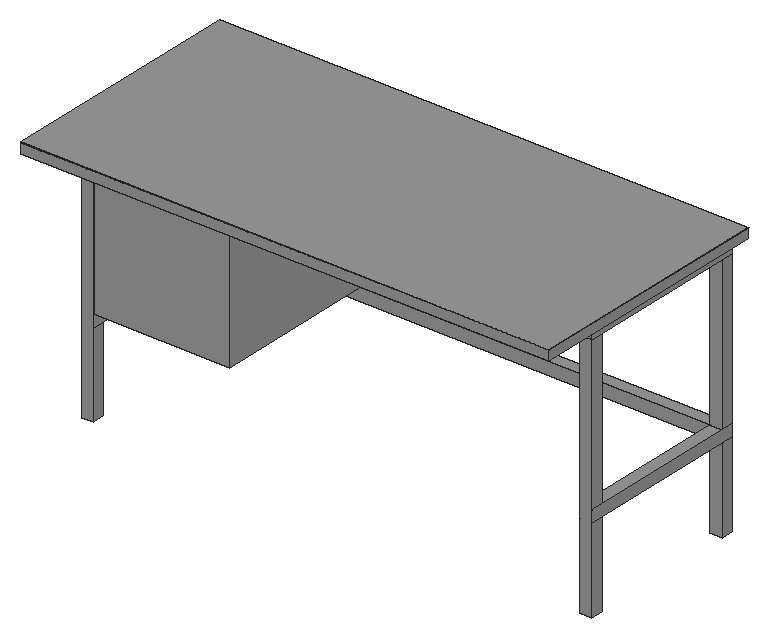
Revit family "SmallBench", category Furniture, Revit 2025
Family settings
  OmniClass Number = 23.40.20.00
  OmniClass Title = General Furniture and Specialties
  Work Plane-Based = No
  Enable Cutting in Views = No
  Always vertical = Yes
  Cut with Voids When Loaded = No
  Render Appearance Source = Family Geometry
  Shared = No
  Room Calculation Point = No
Parameters
  Default Elevation = 0 mm
Reference planes
  plane 1 "CentreLong": y = 0
  plane 2: z = 0
  plane 3 "LeftEdge": x = 0
  plane 4 "FrontEdge": y = -825
  plane 5 "RightEdge": x = 1750
  plane 6 "DrawerFront": y = -610
  plane 7 "LeftSupport": x = 50
  plane 8 "BenchTop": z = 900
  plane 9 "BenchBottom": z = 865
  plane 10 "RightSupport": x = 1700
  plane 11 "BackSupport": y = -50
  plane 12 "DrawerInner": x = 520
Forms (mm)
  Extrusion 1, solid, material "Birch - Glossy"
    sketch origin (0, 0, 0) x (1, 0, 0) y (0, 1, 0)
      loop
        line (0, 0) -> (0, -825) -> (1750, -825) -> (1750, 0) -> (0, 0)
    from 865 to 898
  Extrusion 2, solid, material "Steel, Paint Finish, Dark Gray, Matte"
    sketch origin (1780, -548.097, 0) x (1, 0, 0) y (0, 1, 0)
      loop
        line (-100, 518.097) -> (-100, 478.097) -> (-60, 478.097) -> (-60, 518.097) -> (-100, 518.097)
    from 0 to 825
  Extrusion 3, solid, material "Steel, Paint Finish, Dark Gray, Matte"
    sketch origin (1780, -1115, 0) x (1, 0, 0) y (0, 1, 0)
      loop
        line (-100, 545) -> (-100, 505) -> (-60, 505) -> (-60, 545) -> (-100, 545)
    from 0 to 825
  Extrusion 4, solid, material "Steel, Paint Finish, Dark Gray, Matte"
    sketch origin (-700, -140, 0) x (1, 0, 0) y (0, 1, 0)
      loop
        line (2380, 110) -> (2380, -470) -> (2420, -470) -> (2420, 110) -> (2400, 110) -> (2380, 110)
    from 825 to 865
  Extrusion 5, solid, material "Steel, Paint Finish, Dark Gray, Matte"
    sketch origin (-700, -180, 0) x (1, 0, 0) y (0, 1, 0)
      loop
        line (2380, 150) -> (2380, -430) -> (2420, -430) -> (2420, 150) -> (2380, 150)
    from 280 to 320
  Extrusion 6, solid, material "Birch - Glossy"
    sketch origin (0, 0, 0) x (1, 0, 0) y (0, 1, 0)
      loop
        line (70, 0) -> (70, -610) -> (520, -610) -> (520, 0) -> (70, 0)
    from 320 to 825
  Extrusion 7, solid, not visible
    sketch origin (1780, -548.097, 0) x (1, 0, 0) y (0, 1, 0)
      loop
        line (-100, 518.097) -> (-100, 478.097) -> (-60, 478.097) -> (-60, 518.097) -> (-100, 518.097)
    from 0 to 825
  Extrusion 8, solid, not visible
    sketch origin (1780, -1115, 0) x (1, 0, 0) y (0, 1, 0)
      loop
        line (-100, 545) -> (-100, 505) -> (-60, 505) -> (-60, 545) -> (-100, 545)
    from 0 to 825
  Extrusion 9, solid, not visible
    sketch origin (-700, -140, 0) x (1, 0, 0) y (0, 1, 0)
      loop
        line (2380, 110) -> (2380, -470) -> (2420, -470) -> (2420, 110) -> (2400, 110) -> (2380, 110)
    from 825 to 865
  Extrusion 10, solid, not visible
    sketch origin (-700, -180, 0) x (1, 0, 0) y (0, 1, 0)
      loop
        line (2380, 150) -> (2380, -430) -> (2420, -430) -> (2420, 150) -> (2380, 150)
    from 280 to 320
  Extrusion 11, solid, material "Steel, Paint Finish, Dark Gray, Matte"
    sketch origin (130, -548.097, 0) x (1, 0, 0) y (0, 1, 0)
      loop
        line (-100, 518.097) -> (-100, 478.097) -> (-60, 478.097) -> (-60, 518.097) -> (-100, 518.097)
    from 0 to 825
  Extrusion 12, solid, material "Steel, Paint Finish, Dark Gray, Matte"
    sketch origin (130, -1115, 0) x (1, 0, 0) y (0, 1, 0)
      loop
        line (-100, 545) -> (-100, 505) -> (-60, 505) -> (-60, 545) -> (-100, 545)
    from 0 to 825
  Extrusion 13, solid, material "Steel, Paint Finish, Dark Gray, Matte"
    sketch origin (-2350, -140, 0) x (1, 0, 0) y (0, 1, 0)
      loop
        line (2380, 110) -> (2380, -470) -> (2420, -470) -> (2420, 110) -> (2400, 110) -> (2380, 110)
    from 825 to 865
  Extrusion 14, solid, material "Steel, Paint Finish, Dark Gray, Matte"
    sketch origin (-2350, -180, 0) x (1, 0, 0) y (0, 1, 0)
      loop
        line (2380, 150) -> (2380, -430) -> (2420, -430) -> (2420, 150) -> (2380, 150)
    from 280 to 320
  Extrusion 15, solid, material "Steel, Paint Finish, Dark Gray, Matte"
    sketch origin (0, 0, -200) x (0, 1, 0) y (0, 0, 1)
      loop
        line (-30, 520) -> (-70, 520) -> (-70, 480) -> (-30, 480) -> (-30, 520)
    from 70 to 1680
  Extrusion 16, solid, material "Steel, Paint Finish, Dark Gray, Matte"
    sketch origin (0, 0, 465) x (0, 1, 0) y (0, 0, 1)
      loop
        line (-30, 400) -> (-70, 400) -> (-70, 360) -> (-30, 360) -> (-30, 400)
    from 70 to 1680
  Extrusion 17, solid, material "Asphalt, Pavement"
    sketch origin (0, 0, 0) x (1, 0, 0) y (0, 1, 0)
      loop
        line (0, 0) -> (0, -825) -> (1750, -825) -> (1750, 0) -> (0, 0)
    from 898 to 900
Dimensions and locks
  plane 3 "LeftEdge" to plane 5 "RightEdge" = 1750 mm
  plane 12 "DrawerInner" to Extrusion 3 = 1160 mm
  plane 8 "BenchTop" to level = 900 mm
  plane 5 "RightEdge" to plane 3 "LeftEdge" = 1750 mm
  Extrusion 6 to Extrusion 12 = 450 mm
  Extrusion 13 to Extrusion 6 = 450 mm
  Extrusion 6 to Extrusion 4 = 1160 mm
  plane 4 "FrontEdge" to plane 1 "CentreLong" = 825 mm
  aligned and locked: level to plane 2
